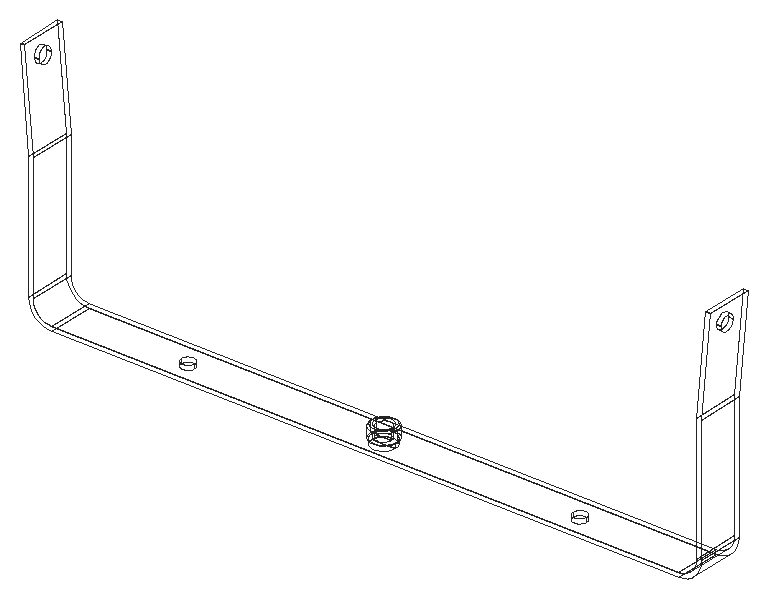
Revit family "1 SOUND_C-Clamp_Panorama_MS34", category Communication Devices, host Face, Revit 2020
Family settings
  Host = Face
  Maintain Annotation Orientation = No
  Round Connector Dimension = Use Diameter
  Part Type = Normal
  Cut with Voids When Loaded = No
  Shared = No
  Room Calculation Point = No
Parameters (values of type "MS34 C-Clamp")
  Weight = ".30 kg"
  URL = "https://www.1-sound.com/cclamps"
  Model = "C-Clamp; MS34"  # constant formula
  Material = "Zinc Plated"
  Manufacturer = "1 SOUND"  # constant formula
  Finish = "Powder Coated or Brushed Stainless Steel"
  Dimensions (HxWxD) = "25.40mm x  365.04mm x 132.91mm"  # constant formula
  Default Elevation = 2438.40 mm  # constant formula
  Construction = "Galvanized Steel or Stainless Steel 316"  # constant formula
  Category = "Accessory"  # constant formula
  Accessory Finish [instance] = 1 Sound - Powder Coat_Black
Reference planes
  plane 1 "Center (Front/Back)": y = 0
  plane 2: z = 0
  plane 3 "Center (Left/Right)": x = 0
Forms (mm)
  Extrusion 1, solid, material "1 Sound - Powder Coat_Black" <- "Accessory Finish"
    sketch origin (0, 0, 0) x (1, 0, 0) y (0, 0, 1)
      loop
        line (-177.9, 80.097) -> (-182.52, 132.907) -> (-185.011, 132.69) -> (-180.4, 79.988) -> (-180.4, 12.34)
        arc (-180.4, 12.34) -> (-176.683, 3.605) -> (-167.901, 0) r 12.5
        line (-167.901, 0) -> (167.901, 0)
        arc (167.901, 0) -> (176.683, 3.605) -> (180.4, 12.34) r 12.5
        line (180.4, 12.34) -> (180.4, 79.988) -> (185.011, 132.69) -> (182.52, 132.907) -> (177.9, 80.097) -> (177.9, 12.357)
        arc (177.9, 12.357) -> (174.921, 5.378) -> (167.901, 2.5) r 10
        line (167.901, 2.5) -> (-167.901, 2.5)
        arc (-167.901, 2.5) -> (-174.921, 5.378) -> (-177.9, 12.357) r 10
        line (-177.9, 12.357) -> (-177.9, 80.097)
    from -12.7 to 12.7
  Revolve 2, solid, material "1 Sound - Powder Coat_Black"
    sketch origin (0, 0, 0) x (1, 0, 0) y (0, 0, 1)
      loop
        line (0, -0.548) -> (6.35, -0.548) -> (6.35, 2.5) -> (7.234, 2.5) -> (7.234, 8.442) -> (6.35, 9.326) -> (4.853, 9.326) -> (3.969, 8.442) -> (3.969, 2.5) -> (0, 2.5) -> (0, -0.548)
      axis (0, -0.548) -> (0, 9.326)
    angle from 0 to 360
  Extrusion 3, void
    sketch origin (-151.945, 0, 3.854) x (0, 1, 0) y (-0.087156, 0, 0.996195)
      loop
        circle (0, 120.828) r 4.18
    from -21.711 to -19.211
  Extrusion 4, void
    sketch origin (151.945, 0, 3.854) x (0, 1, 0) y (-0.087156, 0, -0.996195)
      loop
        circle (0, -120.828) r 4.18
    from -21.711 to -19.211
  Extrusion 5, void
    sketch origin (0, 0, 0) x (-1, 0, 0) y (0, -1, 0)
      loop
        circle (-105, 0) r 3.6
    from 0 to 2.5
  Extrusion 6, void
    sketch origin (0, 0, 0) x (1, 0, 0) y (0, 1, 0)
      loop
        circle (-105, 0) r 3.6
    from 0 to 2.5
Cuts and joins
  Extrusion 3, Extrusion 4, Extrusion 5, Extrusion 6 cuts Extrusion 1
Dimensions and locks
  aligned and locked: plane 2 to host face
  aligned and locked: level to host face
